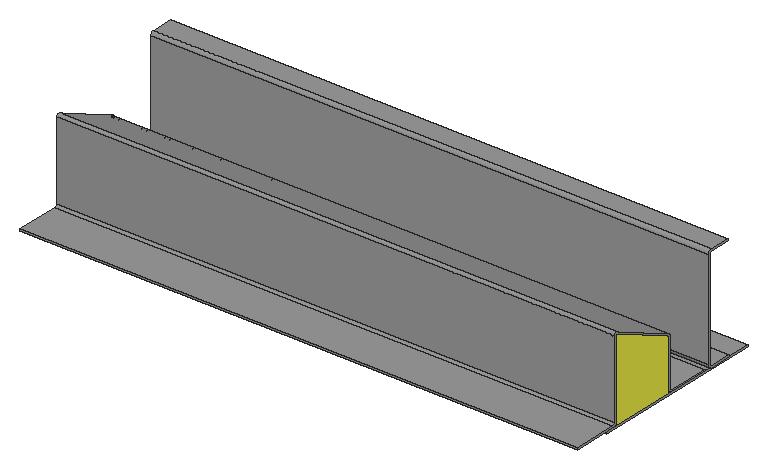
Revit family "L1 S 150 WOL 215", category Generic Models, Revit 2014
Parameters (values of type "Max lintel length 3600mm")
  URL = "http://iglintels.com/"
  Structural Opening [instance] = 900 mm
  Structural Performance = "The IG lintel range has safe working loads as detailed in each applicable loading table in the Keystone Lintel Guide brochure. The structural performance figures within each table have been ascertained by testing in accordance with the requirements of standards BS EN 5977-2: 1983 and BS EN 845-2: 2003."
  RIBA Productor Selector = "available for Keystone Lintels Ltd from Keystone Lintels Ltd from ribaproductselector.com"
  Model = "L1/S 150 WOL 215"
  Min Length = 600 mm
  Min Clear Span = 300 mm
  Max Length = 3600 mm
  Max Clear Span = 3600 mm
  Material - Stainless Steel = "Grade 304 2b 1.4307 to BS EN 10088-2. Other grades available on request: contact manufacturer."
  Material - Galvanised Steel = "To BS EN 10346: 2009. DX51D plus Z600 or grade Z275 to BS 5977-2: 1983 (BS EN 845-2: 2003)."
  Manufacturer = "IG"
  Manufactured Length [instance] = (roundup(Effective Length / 150 mm) * 150 mm)  # 1200 mm
  Lintel height [instance] = 2100 mm
  Keynote = "F30/755"
  Fire Performance = "IG lintels have been subjected to a fire test (WARRES No. 101263) in accordance with BS 476-20: 1987, at Exova Warrington Fire and achieved a one hour fire performance."
  End Bearing = 150 mm
  Effective Length [instance] = Clear Opening with MIN MAX set + End Bearing * 2  # 1200 mm
  Corrosion = "IG’s standard range of lintels are manufactured from high quality grade pre-galvanized carbon steel with a zinc coating of 600"
  Contact Tel = "01633 486 486"
  Contact Email = "info@igltd.co.uk"
  Clear Opening with MIN MAX set [instance] = if(Structural Opening < Min Clear Span, Min Clear Span, (if(Structural Opening > Max Clear Span, Max Clear Span, Structural Opening)))  # 900 mm
  CPD Information = "Available for Keystone Lintels Ltd from ribacpd.com"
Reference planes
  plane 1 "Center (Front/Back)": y = 0
  plane 2: z = 0
  plane 3 "Center (Left/Right)": x = 0
  plane 4: x = -600
  plane 5: x = 600
  plane 6: z = 2100
  plane 7: x = -450
  plane 8: x = 450
Forms (mm)
  Extrusion 1, solid, material "Steel"
    sketch origin (0, 771.14, -497.841) x (0, 1, 0) y (0, 0, 1)
      loop
        arc (-850.986, 2597.841) -> (-845.188, 2600.243) -> (-842.786, 2606.041) r 8.2
        line (-842.786, 2606.041) -> (-842.786, 2772.62)
        arc (-842.786, 2772.62) -> (-841.86, 2774.307) -> (-839.94, 2774.432) r 2
        line (-839.94, 2774.432) -> (-702.34, 2710.167)
        arc (-702.34, 2710.167) -> (-701.499, 2709.429) -> (-701.186, 2708.355) r 2
        line (-701.186, 2708.355) -> (-701.186, 2606.041)
        arc (-701.186, 2606.041) -> (-698.784, 2600.243) -> (-692.986, 2597.841) r 8.2
        line (-692.986, 2597.841) -> (-602.977, 2597.841) -> (-602.977, 2601.041) -> (-692.986, 2601.041)
        arc (-692.986, 2601.041) -> (-696.522, 2602.506) -> (-697.986, 2606.041) r 5
        line (-697.986, 2606.041) -> (-697.986, 2708.355)
        arc (-697.986, 2708.355) -> (-698.8, 2711.147) -> (-700.986, 2713.066) r 5.2
        line (-700.986, 2713.066) -> (-838.586, 2777.332)
        arc (-838.586, 2777.332) -> (-843.579, 2777.007) -> (-845.986, 2772.62) r 5.2
        line (-845.986, 2772.62) -> (-845.986, 2606.041)
        arc (-845.986, 2606.041) -> (-847.451, 2602.506) -> (-850.986, 2601.041) r 5
        line (-850.986, 2601.041) -> (-945.986, 2601.041) -> (-945.986, 2597.841) -> (-850.986, 2597.841)
    from -600 to 600
  Extrusion 2, solid, material "Steel"
    sketch origin (0, 770.649, -497.841) x (0, 1, 0) y (0, 0, 1)
      loop
        line (-540.486, 2822.641) -> (-540.486, 2825.841) -> (-585.486, 2825.841)
        arc (-585.486, 2825.841) -> (-590.789, 2823.644) -> (-592.986, 2818.341) r 7.5
        line (-592.986, 2818.341) -> (-592.986, 2605.341)
        arc (-592.986, 2605.341) -> (-590.789, 2600.038) -> (-585.486, 2597.841) r 7.5
        line (-585.486, 2597.841) -> (-538.654, 2597.841) -> (-538.654, 2601.041) -> (-585.486, 2601.041)
        arc (-585.486, 2601.041) -> (-588.527, 2602.301) -> (-589.786, 2605.341) r 4.3
        line (-589.786, 2605.341) -> (-589.786, 2818.341)
        arc (-589.786, 2818.341) -> (-588.527, 2821.382) -> (-585.486, 2822.641) r 4.3
        line (-585.486, 2822.641) -> (-540.486, 2822.641)
    from -600 to 600
  Extrusion 3, solid, material "Steel"
    sketch origin (0, 770.981, -497.841) x (0, 1, 0) y (0, 0, 1)
      loop
        line (-487.986, 2594.641) -> (-487.986, 2597.841) -> (-867.986, 2597.841) -> (-867.986, 2594.641) -> (-487.986, 2594.641)
    from -600 to 600
  Extrusion 4, solid, material "Insulation"
    sketch origin (0, 771.14, -497.841) x (0, 1, 0) y (0, 0, 1)
      loop
        arc (-692.986, 2597.841) -> (-698.784, 2600.243) -> (-701.186, 2606.041) r 8.2
        line (-701.186, 2606.041) -> (-701.186, 2708.355)
        arc (-701.186, 2708.355) -> (-701.499, 2709.429) -> (-702.34, 2710.167) r 2
        line (-702.34, 2710.167) -> (-839.94, 2774.432)
        arc (-839.94, 2774.432) -> (-841.86, 2774.307) -> (-842.786, 2772.62) r 2
        line (-842.786, 2772.62) -> (-842.786, 2606.041)
        arc (-842.786, 2606.041) -> (-845.188, 2600.243) -> (-850.986, 2597.841) r 8.2
        line (-850.986, 2597.841) -> (-692.986, 2597.841)
    from -600 to 600
  Extrusion 5, solid, not visible
    sketch origin (0, 830.044, 1201.457) x (0, 1, 0) y (0, 0, 1)
      loop
        line (-540.486, 1222.641) -> (-540.486, 1225.841) -> (-585.486, 1225.841)
        arc (-585.486, 1225.841) -> (-590.789, 1223.644) -> (-592.986, 1218.341) r 7.5
        line (-592.986, 1218.341) -> (-592.986, 1005.341)
        arc (-592.986, 1005.341) -> (-590.789, 1000.038) -> (-585.486, 997.841) r 7.5
        line (-585.486, 997.841) -> (-538.654, 997.841) -> (-538.654, 1001.041) -> (-585.486, 1001.041)
        arc (-585.486, 1001.041) -> (-588.527, 1002.301) -> (-589.786, 1005.341) r 4.3
        line (-589.786, 1005.341) -> (-589.786, 1218.341)
        arc (-589.786, 1218.341) -> (-588.527, 1221.382) -> (-585.486, 1222.641) r 4.3
        line (-585.486, 1222.641) -> (-540.486, 1222.641)
    from 0 to 250
  Extrusion 6, solid, not visible
    sketch origin (0, 556.805, 1224.079) x (0, 1, 0) y (0, 0, 1)
      loop
        arc (-850.986, 997.841) -> (-845.188, 1000.243) -> (-842.786, 1006.041) r 8.2
        line (-842.786, 1006.041) -> (-842.786, 1172.62)
        arc (-842.786, 1172.62) -> (-841.86, 1174.307) -> (-839.94, 1174.432) r 2
        line (-839.94, 1174.432) -> (-702.34, 1110.167)
        arc (-702.34, 1110.167) -> (-701.499, 1109.429) -> (-701.186, 1108.355) r 2
        line (-701.186, 1108.355) -> (-701.186, 1006.041)
        arc (-701.186, 1006.041) -> (-698.784, 1000.243) -> (-692.986, 997.841) r 8.2
        line (-692.986, 997.841) -> (-602.977, 997.841) -> (-602.977, 1001.041) -> (-692.986, 1001.041)
        arc (-692.986, 1001.041) -> (-696.522, 1002.506) -> (-697.986, 1006.041) r 5
        line (-697.986, 1006.041) -> (-697.986, 1108.355)
        arc (-697.986, 1108.355) -> (-698.8, 1111.147) -> (-700.986, 1113.066) r 5.2
        line (-700.986, 1113.066) -> (-838.586, 1177.332)
        arc (-838.586, 1177.332) -> (-843.579, 1177.007) -> (-845.986, 1172.62) r 5.2
        line (-845.986, 1172.62) -> (-845.986, 1006.041)
        arc (-845.986, 1006.041) -> (-847.451, 1002.506) -> (-850.986, 1001.041) r 5
        line (-850.986, 1001.041) -> (-945.986, 1001.041) -> (-945.986, 997.841) -> (-850.986, 997.841)
    from 0 to 250
  Extrusion 7, solid, not visible
    sketch origin (0, 1027.495, 1049.855) x (0, 1, 0) y (0, 0, 1)
      loop
        line (-487.986, 994.641) -> (-487.986, 997.841) -> (-867.986, 997.841) -> (-867.986, 994.641) -> (-487.986, 994.641)
    from 0 to 250
  Extrusion 8, solid, not visible
    sketch origin (0, 593.384, 921.047) x (0, 1, 0) y (0, 0, 1)
      loop
        arc (-692.986, 997.841) -> (-698.784, 1000.243) -> (-701.186, 1006.041) r 8.2
        line (-701.186, 1006.041) -> (-701.186, 1108.355)
        arc (-701.186, 1108.355) -> (-701.499, 1109.429) -> (-702.34, 1110.167) r 2
        line (-702.34, 1110.167) -> (-839.94, 1174.432)
        arc (-839.94, 1174.432) -> (-841.86, 1174.307) -> (-842.786, 1172.62) r 2
        line (-842.786, 1172.62) -> (-842.786, 1006.041)
        arc (-842.786, 1006.041) -> (-845.188, 1000.243) -> (-850.986, 997.841) r 8.2
        line (-850.986, 997.841) -> (-692.986, 997.841)
    from 0 to 250
Dimensions and locks
  equal spacing: plane 4, plane 3 "Center (Left/Right)", plane 5
  "Manufactured Length": plane 4 to plane 5
  "Lintel height": plane 6 to level
  "Structural Opening": plane 7 to plane 8
  equal spacing: plane 7, plane 3 "Center (Left/Right)", plane 8
  aligned and locked: level to plane 2
  aligned and locked: Extrusion 1 to plane 6
  aligned and locked: Extrusion 4 to plane 6
  aligned and locked: Extrusion 2 to plane 6
  aligned and locked: plane 6 to Extrusion 3
  aligned and locked: plane 5 to Extrusion 1
  aligned and locked: Extrusion 1 to plane 4
  aligned and locked: plane 5 to Extrusion 2
  aligned and locked: Extrusion 2 to plane 4
  aligned and locked: plane 5 to Extrusion 3
  aligned and locked: Extrusion 3 to plane 4
  aligned and locked: plane 5 to Extrusion 4
  aligned and locked: Extrusion 4 to plane 4
Automatic sketch dimensions
  Extrusion 1 sketch curve to Extrusion 1 sketch curve = 95 mm
  Extrusion 1 sketch curve to Extrusion 1 sketch curve = 3.2 mm
  Extrusion 1 sketch curve to Extrusion 1 sketch curve = 5 mm  (x2)
  Extrusion 1 sketch curve to Extrusion 1 sketch curve = 166.579 mm
  Extrusion 1 sketch curve to Extrusion 1 sketch curve = 2 mm
  Extrusion 1 sketch curve to Extrusion 1 sketch curve = 0.846 mm  (x2)
  Extrusion 1 sketch curve to Extrusion 1 sketch curve = 1.354 mm  (x2)
  Extrusion 1 sketch curve to Extrusion 1 sketch curve = 137.6 mm
  Extrusion 1 sketch curve to Extrusion 1 sketch curve = 64.265 mm
  Extrusion 1 sketch curve to Extrusion 1 sketch curve = 2.899 mm
  Extrusion 1 sketch curve to Extrusion 1 sketch curve = 1.812 mm
  Extrusion 1 sketch curve to Extrusion 1 sketch curve = 0 mm  (x16)
  Extrusion 1 sketch curve to Extrusion 1 sketch curve = 102.314 mm
  Extrusion 1 sketch curve to Extrusion 1 sketch curve = 90.009 mm
  Extrusion 2 sketch curve to Extrusion 2 sketch curve = 45 mm
  Extrusion 2 sketch curve to Extrusion 2 sketch curve = 3.2 mm
  Extrusion 2 sketch curve to Extrusion 2 sketch curve = 0 mm  (x8)
  Extrusion 2 sketch curve to Extrusion 2 sketch curve = 4.3 mm  (x2)
  Extrusion 2 sketch curve to Extrusion 2 sketch curve = 213 mm
  Extrusion 2 sketch curve to Extrusion 2 sketch curve = 46.832 mm
  Extrusion 3 sketch curve to Extrusion 3 sketch curve = 380 mm
  Extrusion 3 sketch curve to Extrusion 3 sketch curve = 3.2 mm
  Extrusion 4 sketch curve to Extrusion 4 sketch curve = 8.2 mm  (x3)
  Extrusion 4 sketch curve to Extrusion 4 sketch curve = 149.8 mm
  Extrusion 4 sketch curve to Extrusion 4 sketch curve = 0 mm  (x2)
  Extrusion 4 sketch curve to Extrusion 4 sketch curve = 102.314 mm
  Extrusion 4 sketch curve to Extrusion 4 sketch curve = 2 mm
  Extrusion 4 sketch curve to Extrusion 4 sketch curve = 0.846 mm  (x2)
  Extrusion 4 sketch curve to Extrusion 4 sketch curve = 137.6 mm
  Extrusion 4 sketch curve to Extrusion 4 sketch curve = 64.265 mm
  Extrusion 4 sketch curve to Extrusion 4 sketch curve = 1.812 mm
  Extrusion 5 sketch curve to Extrusion 5 sketch curve = 45 mm
  Extrusion 5 sketch curve to Extrusion 5 sketch curve = 3.2 mm
  Extrusion 5 sketch curve to Extrusion 5 sketch curve = 0 mm  (x8)
  Extrusion 5 sketch curve to Extrusion 5 sketch curve = 4.3 mm  (x2)
  Extrusion 5 sketch curve to Extrusion 5 sketch curve = 213 mm
  Extrusion 5 sketch curve to Extrusion 5 sketch curve = 46.832 mm
  Extrusion 6 sketch curve to Extrusion 6 sketch curve = 95 mm
  Extrusion 6 sketch curve to Extrusion 6 sketch curve = 3.2 mm
  Extrusion 6 sketch curve to Extrusion 6 sketch curve = 5 mm  (x2)
  Extrusion 6 sketch curve to Extrusion 6 sketch curve = 166.579 mm
  Extrusion 6 sketch curve to Extrusion 6 sketch curve = 2 mm
  Extrusion 6 sketch curve to Extrusion 6 sketch curve = 0.846 mm  (x2)
  Extrusion 6 sketch curve to Extrusion 6 sketch curve = 0 mm  (x16)
  Extrusion 6 sketch curve to Extrusion 6 sketch curve = 1.354 mm  (x2)
  Extrusion 6 sketch curve to Extrusion 6 sketch curve = 137.6 mm
  Extrusion 6 sketch curve to Extrusion 6 sketch curve = 64.265 mm
  Extrusion 6 sketch curve to Extrusion 6 sketch curve = 2.899 mm
  Extrusion 6 sketch curve to Extrusion 6 sketch curve = 1.812 mm
  Extrusion 6 sketch curve to Extrusion 6 sketch curve = 102.314 mm
  Extrusion 6 sketch curve to Extrusion 6 sketch curve = 90.009 mm
  Extrusion 7 sketch curve to Extrusion 7 sketch curve = 380 mm
  Extrusion 7 sketch curve to Extrusion 7 sketch curve = 3.2 mm
  Extrusion 8 sketch curve to Extrusion 8 sketch curve = 8.2 mm  (x3)
  Extrusion 8 sketch curve to Extrusion 8 sketch curve = 149.8 mm
  Extrusion 8 sketch curve to Extrusion 8 sketch curve = 0 mm  (x2)
  Extrusion 8 sketch curve to Extrusion 8 sketch curve = 102.314 mm
  Extrusion 8 sketch curve to Extrusion 8 sketch curve = 2 mm
  Extrusion 8 sketch curve to Extrusion 8 sketch curve = 0.846 mm  (x2)
  Extrusion 8 sketch curve to Extrusion 8 sketch curve = 137.6 mm
  Extrusion 8 sketch curve to Extrusion 8 sketch curve = 64.265 mm
  Extrusion 8 sketch curve to Extrusion 8 sketch curve = 1.812 mm
  Extrusion 2 sketch curve to plane 6 = 0 mm
  Extrusion 2 sketch curve to plane 1 "Center (Front/Back)" = 177.663 mm
  Extrusion 1 sketch curve to plane 6 = 0 mm
  plane 1 "Center (Front/Back)" to Extrusion 1 sketch curve = 174.846 mm
  Extrusion 3 sketch curve to plane 6 = 0 mm
  plane 1 "Center (Front/Back)" to Extrusion 3 sketch curve = 97.005 mm
  Extrusion 4 sketch curve to plane 6 = 0 mm
  plane 1 "Center (Front/Back)" to Extrusion 4 sketch curve = 79.846 mm
